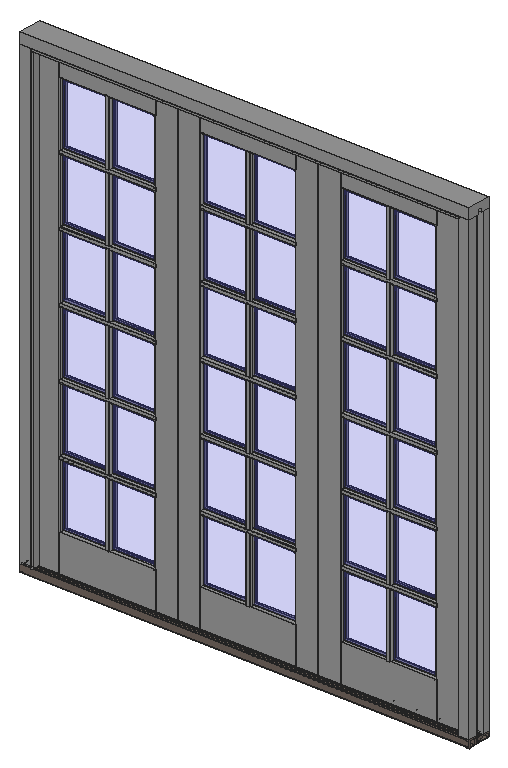
Revit family "VSFA 1950 SP RH", category Doors, host Wall, Revit 2015
Parameters (values of type "VSFA 1950 SP RH")
  Function = Interior
  Frame Projection Ext. = 25 mm
  Frame Projection Int. = 25 mm
  Frame Width = 75 mm
  Height = 2100 mm
  Wall Closure = By host
  Width = 1950 mm
Reference planes
  plane 1: y = 0
  plane 2 "Center (Left/Right)": x = 0
  plane 3 "Left": x = -975
  plane 4 "Right": x = 975
  plane 5: z = 2100
  plane 6 "Exterior": y = 75
  plane 7 "Interior": y = -75
Forms (mm)
  Extrusion 1, solid, material "Aluminium Cill (Bronze)"
    sketch origin (0, 79.18, -119.746) x (0, 1, 0) y (0, 0, 1)
      loop
        line (-26.68, 120.746) -> (-26.68, 135.746)
        arc (-26.68, 135.746) -> (-27.558, 137.867) -> (-29.68, 138.746) r 3
        line (-29.68, 138.746) -> (-40.947, 138.746)
        arc (-40.947, 138.746) -> (-42.68, 137.746) -> (-44.412, 138.746) r 2
        line (-44.412, 138.746) -> (-48.947, 138.746)
        arc (-48.947, 138.746) -> (-50.68, 137.746) -> (-52.412, 138.746) r 2
        line (-52.412, 138.746) -> (-56.947, 138.746)
        arc (-56.947, 138.746) -> (-58.68, 137.746) -> (-60.412, 138.746) r 2
        line (-60.412, 138.746) -> (-67.18, 138.746) -> (-67.18, 135.246)
        arc (-67.18, 135.246) -> (-67.619, 134.185) -> (-68.68, 133.746) r 1.5
        line (-68.68, 133.746) -> (-73.43, 133.746) -> (-73.43, 135.746) -> (-71.996, 135.746)
        arc (-71.996, 135.746) -> (-74.68, 138.746) -> (-77.363, 135.746) r 2.7
        line (-77.363, 135.746) -> (-75.93, 135.746) -> (-75.93, 133.746) -> (-80.68, 133.746)
        arc (-80.68, 133.746) -> (-81.74, 134.185) -> (-82.18, 135.246) r 1.5
        line (-82.18, 135.246) -> (-82.18, 138.746) -> (-90.432, 138.746) -> (-98.68, 138.746) -> (-98.68, 143.746)
        arc (-98.68, 143.746) -> (-99.18, 144.246) -> (-99.68, 143.746) r 0.5
        line (-99.68, 143.746) -> (-99.68, 142.734) -> (-100.88, 142.734) -> (-100.88, 150.246) -> (-99.68, 150.246) -> (-99.68, 149.246)
        arc (-99.68, 149.246) -> (-99.18, 148.746) -> (-98.68, 149.246) r 0.5
        line (-98.68, 149.246) -> (-98.68, 150.746)
        arc (-98.68, 150.746) -> (-98.972, 151.453) -> (-99.68, 151.746) r 1
        line (-99.68, 151.746) -> (-109.447, 151.746)
        arc (-109.447, 151.746) -> (-111.18, 150.746) -> (-112.912, 151.746) r 2
        line (-112.912, 151.746) -> (-117.447, 151.746)
        arc (-117.447, 151.746) -> (-119.18, 150.746) -> (-120.912, 151.746) r 2
        line (-120.912, 151.746) -> (-130.68, 151.746)
        arc (-130.68, 151.746) -> (-131.387, 151.453) -> (-131.68, 150.746) r 1
        line (-131.68, 150.746) -> (-131.68, 120.746)
        arc (-131.68, 120.746) -> (-131.387, 120.039) -> (-130.68, 119.746) r 1
        line (-130.68, 119.746) -> (-27.68, 119.746)
        arc (-27.68, 119.746) -> (-26.972, 120.039) -> (-26.68, 120.746) r 1
      loop
        line (-29.68, 137.246) -> (-40.23, 137.246)
        arc (-40.23, 137.246) -> (-42.68, 136.246) -> (-45.129, 137.246) r 3.5
        line (-45.129, 137.246) -> (-48.23, 137.246)
        arc (-48.23, 137.246) -> (-50.68, 136.246) -> (-53.129, 137.246) r 3.5
        line (-53.129, 137.246) -> (-56.23, 137.246)
        arc (-56.23, 137.246) -> (-58.68, 136.246) -> (-61.129, 137.246) r 3.5
        line (-61.129, 137.246) -> (-65.68, 137.246) -> (-65.68, 135.246)
        arc (-65.68, 135.246) -> (-66.558, 133.125) -> (-68.68, 132.246) r 3
        line (-68.68, 132.246) -> (-73.93, 132.246) -> (-73.93, 121.246) -> (-28.18, 121.246) -> (-28.18, 135.746)
        arc (-28.18, 135.746) -> (-28.619, 136.807) -> (-29.68, 137.246) r 1.5
      loop
        line (-75.43, 132.246) -> (-80.68, 132.246)
        arc (-80.68, 132.246) -> (-82.801, 133.125) -> (-83.68, 135.246) r 3
        line (-83.68, 135.246) -> (-83.68, 137.246) -> (-98.68, 137.246) -> (-98.68, 121.246) -> (-75.43, 121.246) -> (-75.43, 132.246)
      loop
        line (-100.18, 121.246) -> (-100.18, 141.246) -> (-102.38, 141.246) -> (-102.38, 150.246) -> (-108.73, 150.246)
        arc (-108.73, 150.246) -> (-111.18, 149.246) -> (-113.629, 150.246) r 3.5
        line (-113.629, 150.246) -> (-116.73, 150.246)
        arc (-116.73, 150.246) -> (-119.18, 149.246) -> (-121.629, 150.246) r 3.5
        line (-121.629, 150.246) -> (-130.18, 150.246) -> (-130.18, 121.246) -> (-100.18, 121.246)
    from -975 to 975
  Extrusion 2, solid, material "Lauan, Meranti"
    sketch origin (0, 0, 0) x (0, 1, 0) y (0, 0, 1)
      loop
        line (52.5, 2100) -> (-52.5, 2100) -> (-52.5, 2055) -> (-6.5, 2055) -> (-6.5, 2075) -> (15.5, 2075) -> (15.5, 2055) -> (52.5, 2055) -> (52.5, 2100)
    from -975 to 975
  Extrusion 3, solid, material "Lauan, Meranti"
    sketch origin (0, 0, 0) x (1, 0, 0) y (0, 1, 0)
      loop
        line (-975, 52.5) -> (-975, -52.5) -> (-930, -52.5) -> (-930, 24.5) -> (-942, 24.5) -> (-942, 52.5) -> (-975, 52.5)
    from 32 to 2055
  Extrusion 4, solid, material "Lauan, Meranti"
    sketch origin (0, 0, 0) x (1, 0, 0) y (0, 1, 0)
      loop
        line (-975, 52.5) -> (-975, -19.5) -> (-930, -19.5) -> (-930, 24.5) -> (-942, 24.5) -> (-942, 52.5) -> (-975, 52.5)
    from 19 to 32
  Extrusion 5, solid, material "Lauan, Meranti"
    sketch origin (0, 0, 0) x (0, 1, 0) y (0, 0, 1)
      loop
        line (-52.5, 2052) -> (-52.5, 2042) -> (-20.5, 2042) -> (-20.5, 2045.5) -> (-27.5, 2045.5) -> (-27.5, 2048.5) -> (-20.5, 2048.5) -> (-20.5, 2055) -> (-49.5, 2055) -> (-49.5, 2052) -> (-52.5, 2052)
    from -930 to 930
  Extrusion 6, solid, material "Lauan, Meranti"
    sketch origin (0, 0, 0) x (1, 0, 0) y (0, 1, 0)
      loop
        line (-927, -52.5) -> (-917, -52.5) -> (-917, -20.5) -> (-920.5, -20.5) -> (-920.5, -27.5) -> (-923.5, -27.5) -> (-923.5, -20.5) -> (-930, -20.5) -> (-930, -49.5) -> (-927, -49.5) -> (-927, -52.5)
    from 32 to 2042
  Extrusion 7, solid, material "Lauan, Meranti"
    sketch origin (0, 0, 0) x (1, 0, 0) y (0, 1, 0)
      loop
        line (975, -52.5) -> (975, -16.5) -> (930, -16.5) -> (930, -52.5) -> (975, -52.5)
      loop
        line (975, 52.5) -> (930, 52.5) -> (930, 25.5) -> (975, 25.5) -> (975, 52.5)
      loop
        line (900, 24.5) -> (900, -15.5) -> (945, -15.5) -> (945, -5.5) -> (920, -5.5) -> (920, 14.5) -> (945, 14.5) -> (945, 24.5) -> (900, 24.5)
    from 32 to 2055
  Extrusion 8, solid, material "Lauan, Meranti"
    sketch origin (0, 0, 0) x (1, 0, 0) y (0, 1, 0)
      loop
        line (930, 52.5) -> (930, 25.5) -> (975, 25.5) -> (975, 52.5) -> (930, 52.5)
      loop
        line (945, 24.5) -> (900, 24.5) -> (900, -15.5) -> (945, -15.5) -> (945, -5.5) -> (920, -5.5) -> (920, 14.5) -> (945, 14.5) -> (945, 24.5)
    from 19 to 32
  Extrusion 9, solid, material "Lauan, Meranti"
    sketch origin (1220, 0, 0) x (1, 0, 0) y (0, 1, 0)
      loop
        line (-930, -15.5) -> (-834, -15.5) -> (-834, -13.5)
        arc (-834, -13.5) -> (-829.265, -11.94) -> (-827, -7.5) r 6.549
        line (-827, -7.5) -> (-825, -7.5) -> (-825, -5.5) -> (-834, -5.5) -> (-834, 24.5) -> (-930, 24.5) -> (-930, -15.5)
      loop
        line (-320, -15.5) -> (-320, 24.5) -> (-416, 24.5) -> (-416, -5.5) -> (-425, -5.5) -> (-425, -7.5) -> (-423, -7.5)
        arc (-423, -7.5) -> (-420.735, -11.94) -> (-416, -13.5) r 6.549
        line (-416, -13.5) -> (-416, -15.5) -> (-320, -15.5)
    from 19 to 2055
  Extrusion 10, solid, material "Lauan, Meranti"
    sketch origin (555.235, 0, 0) x (0, 1, 0) y (0, 0, 1)
      loop
        line (-15.5, 190) -> (-15.5, 19) -> (24.5, 19) -> (24.5, 190) -> (-5.5, 190) -> (-5.5, 199) -> (-7.5, 199) -> (-7.5, 197)
        arc (-7.5, 197) -> (-11.866, 194.67) -> (-13.5, 190) r 6.807
        line (-13.5, 190) -> (-15.5, 190)
      loop
        line (-7.5, 1952) -> (-7.5, 1950) -> (-5.5, 1950) -> (-5.5, 1959) -> (24.5, 1959) -> (24.5, 2055) -> (-15.5, 2055) -> (-15.5, 1959) -> (-13.5, 1959)
        arc (-13.5, 1959) -> (-11.866, 1954.33) -> (-7.5, 1952) r 6.807
      loop
        line (-15.5, 1675) -> (-15.5, 1662) -> (-13.5, 1662)
        arc (-13.5, 1662) -> (-11.866, 1657.33) -> (-7.5, 1655) r 6.807
        line (-7.5, 1655) -> (-7.5, 1653) -> (-5.5, 1653) -> (-5.5, 1662) -> (24.5, 1662) -> (24.5, 1675) -> (-5.5, 1675) -> (-5.5, 1684) -> (-7.5, 1684) -> (-7.5, 1682)
        arc (-7.5, 1682) -> (-11.866, 1679.67) -> (-13.5, 1675) r 6.807
        line (-13.5, 1675) -> (-15.5, 1675)
      loop
        line (-15.5, 1378) -> (-15.5, 1365) -> (-13.5, 1365)
        arc (-13.5, 1365) -> (-11.866, 1360.33) -> (-7.5, 1358) r 6.807
        line (-7.5, 1358) -> (-7.5, 1356) -> (-5.5, 1356) -> (-5.5, 1365) -> (24.5, 1365) -> (24.5, 1378) -> (-5.5, 1378) -> (-5.5, 1387) -> (-7.5, 1387) -> (-7.5, 1385)
        arc (-7.5, 1385) -> (-11.866, 1382.67) -> (-13.5, 1378) r 6.807
        line (-13.5, 1378) -> (-15.5, 1378)
      loop
        line (-15.5, 1081) -> (-15.5, 1068) -> (-13.5, 1068)
        arc (-13.5, 1068) -> (-11.866, 1063.33) -> (-7.5, 1061) r 6.807
        line (-7.5, 1061) -> (-7.5, 1059) -> (-5.5, 1059) -> (-5.5, 1068) -> (24.5, 1068) -> (24.5, 1081) -> (-5.5, 1081) -> (-5.5, 1090) -> (-7.5, 1090) -> (-7.5, 1088)
        arc (-7.5, 1088) -> (-11.866, 1085.67) -> (-13.5, 1081) r 6.807
        line (-13.5, 1081) -> (-15.5, 1081)
      loop
        line (-15.5, 784) -> (-15.5, 771) -> (-13.5, 771)
        arc (-13.5, 771) -> (-11.866, 766.33) -> (-7.5, 764) r 6.807
        line (-7.5, 764) -> (-7.5, 762) -> (-5.5, 762) -> (-5.5, 771) -> (24.5, 771) -> (24.5, 784) -> (-5.5, 784) -> (-5.5, 793) -> (-7.5, 793) -> (-7.5, 791)
        arc (-7.5, 791) -> (-11.866, 788.67) -> (-13.5, 784) r 6.807
        line (-13.5, 784) -> (-15.5, 784)
      loop
        line (-15.5, 487) -> (-15.5, 474) -> (-13.5, 474)
        arc (-13.5, 474) -> (-11.866, 469.33) -> (-7.5, 467) r 6.807
        line (-7.5, 467) -> (-7.5, 465) -> (-5.5, 465) -> (-5.5, 474) -> (24.5, 474) -> (24.5, 487) -> (-5.5, 487) -> (-5.5, 496) -> (-7.5, 496) -> (-7.5, 494)
        arc (-7.5, 494) -> (-11.866, 491.67) -> (-13.5, 487) r 6.807
        line (-13.5, 487) -> (-15.5, 487)
    from -169.235 to 248.765
  Sweep 11, solid, material "Lauan, Meranti"
    path origin (262.876, -75, -1252.272) x (1, 0, 0) y (0, 0, 1)
      loop
        line (338.624, 1726.272) -> (338.624, 1442.272) -> (541.124, 1442.272) -> (541.124, 1726.272) -> (338.624, 1726.272)
    profile origin (702.75, -75, 474) x (0, 0, 1) y (0, -1, 0)
      loop
        line (-9, -78) -> (-9, -80) -> (-7, -80)
        arc (-7, -80) -> (-4.67, -84.366) -> (0, -86) r 6.807
        line (0, -86) -> (0, -78) -> (-9, -78)
  Extrusion 12, solid, material "Glass"
    sketch origin (531.808, -110.55, -763.769) x (1, 0, 0) y (0, 0, 1)
      loop
        line (272.18, 953.779) -> (272.18, 1237.769) -> (69.692, 1237.769) -> (69.692, 953.779) -> (272.18, 953.779)
      loop
        line (56.692, 1237.769) -> (-145.808, 1237.769) -> (-145.808, 953.769) -> (56.692, 953.769) -> (56.692, 1237.769)
      loop
        line (272.18, 1250.779) -> (272.18, 1534.769) -> (69.692, 1534.769) -> (69.692, 1250.779) -> (272.18, 1250.779)
      loop
        line (56.692, 1534.769) -> (-145.808, 1534.769) -> (-145.808, 1250.769) -> (56.692, 1250.769) -> (56.692, 1534.769)
      loop
        line (272.18, 1547.779) -> (272.18, 1831.769) -> (69.692, 1831.769) -> (69.692, 1547.779) -> (272.18, 1547.779)
      loop
        line (56.692, 1831.769) -> (-145.808, 1831.769) -> (-145.808, 1547.769) -> (56.692, 1547.769) -> (56.692, 1831.769)
      loop
        line (272.18, 1844.779) -> (272.18, 2128.769) -> (69.692, 2128.769) -> (69.692, 1844.779) -> (272.18, 1844.779)
      loop
        line (56.692, 2128.769) -> (-145.808, 2128.769) -> (-145.808, 1844.769) -> (56.692, 1844.769) -> (56.692, 2128.769)
      loop
        line (272.18, 2141.779) -> (272.18, 2425.769) -> (69.692, 2425.769) -> (69.692, 2141.779) -> (272.18, 2141.779)
      loop
        line (56.692, 2425.769) -> (-145.808, 2425.769) -> (-145.808, 2141.769) -> (56.692, 2141.769) -> (56.692, 2425.769)
      loop
        line (272.18, 2438.779) -> (272.18, 2722.769) -> (69.692, 2722.769) -> (69.692, 2438.779) -> (272.18, 2438.779)
      loop
        line (56.692, 2722.769) -> (-145.808, 2722.769) -> (-145.808, 2438.769) -> (56.692, 2438.769) -> (56.692, 2722.769)
    from -112.5 to -106.1
  Extrusion 13, solid, material "Lauan, Meranti"
    sketch origin (0, 0, 0) x (1, 0, 0) y (0, 1, 0)
      loop
        line (601.5, -15.5) -> (601.5, -13.5)
        arc (601.5, -13.5) -> (606.17, -11.866) -> (608.5, -7.5) r 6.807
        line (608.5, -7.5) -> (610.5, -7.5) -> (610.5, -5.5) -> (601.5, -5.5) -> (601.5, 24.5) -> (588.5, 24.5) -> (588.5, -5.5) -> (579.5, -5.5) -> (579.5, -7.5) -> (581.5, -7.5)
        arc (581.5, -7.5) -> (583.83, -11.866) -> (588.5, -13.5) r 6.807
        line (588.5, -13.5) -> (588.5, -15.5) -> (601.5, -15.5)
    from 190 to 474
  Sweep 14, solid, material "Lauan, Meranti"
    path origin (47.388, -75, -1252.272) x (1, 0, 0) y (0, 0, 1)
      loop
        line (338.624, 1726.272) -> (338.624, 1442.272) -> (541.124, 1442.272) -> (541.124, 1726.272) -> (338.624, 1726.272)
    profile origin (487.262, -75, 474) x (0, 0, 1) y (0, -1, 0)
      loop
        line (-9, -78) -> (-9, -80) -> (-7, -80)
        arc (-7, -80) -> (-4.67, -84.366) -> (0, -86) r 6.807
        line (0, -86) -> (0, -78) -> (-9, -78)
  Sweep 15, solid, material "Lauan, Meranti"
    path origin (262.876, -75, -955.284) x (1, 0, 0) y (0, 0, 1)
      loop
        line (338.624, 1726.272) -> (338.624, 1442.272) -> (541.124, 1442.272) -> (541.124, 1726.272) -> (338.624, 1726.272)
    profile origin (702.75, -75, 770.988) x (0, 0, 1) y (0, -1, 0)
      loop
        line (-9, -78) -> (-9, -80) -> (-7, -80)
        arc (-7, -80) -> (-4.67, -84.366) -> (0, -86) r 6.807
        line (0, -86) -> (0, -78) -> (-9, -78)
  Extrusion 16, solid, material "Lauan, Meranti"
    sketch origin (0, 0, 296.988) x (1, 0, 0) y (0, 1, 0)
      loop
        line (601.5, -15.5) -> (601.5, -13.5)
        arc (601.5, -13.5) -> (606.17, -11.866) -> (608.5, -7.5) r 6.807
        line (608.5, -7.5) -> (610.5, -7.5) -> (610.5, -5.5) -> (601.5, -5.5) -> (601.5, 24.5) -> (588.5, 24.5) -> (588.5, -5.5) -> (579.5, -5.5) -> (579.5, -7.5) -> (581.5, -7.5)
        arc (581.5, -7.5) -> (583.83, -11.866) -> (588.5, -13.5) r 6.807
        line (588.5, -13.5) -> (588.5, -15.5) -> (601.5, -15.5)
    from 190 to 474
  Sweep 17, solid, material "Lauan, Meranti"
    path origin (47.388, -75, -955.284) x (1, 0, 0) y (0, 0, 1)
      loop
        line (338.624, 1726.272) -> (338.624, 1442.272) -> (541.124, 1442.272) -> (541.124, 1726.272) -> (338.624, 1726.272)
    profile origin (487.262, -75, 770.988) x (0, 0, 1) y (0, -1, 0)
      loop
        line (-9, -78) -> (-9, -80) -> (-7, -80)
        arc (-7, -80) -> (-4.67, -84.366) -> (0, -86) r 6.807
        line (0, -86) -> (0, -78) -> (-9, -78)
  Sweep 18, solid, material "Lauan, Meranti"
    path origin (262.876, -75, -658.284) x (1, 0, 0) y (0, 0, 1)
      loop
        line (338.624, 1726.272) -> (338.624, 1442.272) -> (541.124, 1442.272) -> (541.124, 1726.272) -> (338.624, 1726.272)
    profile origin (702.75, -75, 1067.988) x (0, 0, 1) y (0, -1, 0)
      loop
        line (-9, -78) -> (-9, -80) -> (-7, -80)
        arc (-7, -80) -> (-4.67, -84.366) -> (0, -86) r 6.807
        line (0, -86) -> (0, -78) -> (-9, -78)
  Extrusion 19, solid, material "Lauan, Meranti"
    sketch origin (0, 0, 593.988) x (1, 0, 0) y (0, 1, 0)
      loop
        line (601.5, -15.5) -> (601.5, -13.5)
        arc (601.5, -13.5) -> (606.17, -11.866) -> (608.5, -7.5) r 6.807
        line (608.5, -7.5) -> (610.5, -7.5) -> (610.5, -5.5) -> (601.5, -5.5) -> (601.5, 24.5) -> (588.5, 24.5) -> (588.5, -5.5) -> (579.5, -5.5) -> (579.5, -7.5) -> (581.5, -7.5)
        arc (581.5, -7.5) -> (583.83, -11.866) -> (588.5, -13.5) r 6.807
        line (588.5, -13.5) -> (588.5, -15.5) -> (601.5, -15.5)
    from 190 to 474
  Sweep 20, solid, material "Lauan, Meranti"
    path origin (47.388, -75, -658.284) x (1, 0, 0) y (0, 0, 1)
      loop
        line (338.624, 1726.272) -> (338.624, 1442.272) -> (541.124, 1442.272) -> (541.124, 1726.272) -> (338.624, 1726.272)
    profile origin (487.262, -75, 1067.988) x (0, 0, 1) y (0, -1, 0)
      loop
        line (-9, -78) -> (-9, -80) -> (-7, -80)
        arc (-7, -80) -> (-4.67, -84.366) -> (0, -86) r 6.807
        line (0, -86) -> (0, -78) -> (-9, -78)
  Sweep 21, solid, material "Lauan, Meranti"
    path origin (262.876, -75, -361.284) x (1, 0, 0) y (0, 0, 1)
      loop
        line (338.624, 1726.272) -> (338.624, 1442.272) -> (541.124, 1442.272) -> (541.124, 1726.272) -> (338.624, 1726.272)
    profile origin (702.75, -75, 1364.988) x (0, 0, 1) y (0, -1, 0)
      loop
        line (-9, -78) -> (-9, -80) -> (-7, -80)
        arc (-7, -80) -> (-4.67, -84.366) -> (0, -86) r 6.807
        line (0, -86) -> (0, -78) -> (-9, -78)
  Extrusion 22, solid, material "Lauan, Meranti"
    sketch origin (0, 0, 890.988) x (1, 0, 0) y (0, 1, 0)
      loop
        line (601.5, -15.5) -> (601.5, -13.5)
        arc (601.5, -13.5) -> (606.17, -11.866) -> (608.5, -7.5) r 6.807
        line (608.5, -7.5) -> (610.5, -7.5) -> (610.5, -5.5) -> (601.5, -5.5) -> (601.5, 24.5) -> (588.5, 24.5) -> (588.5, -5.5) -> (579.5, -5.5) -> (579.5, -7.5) -> (581.5, -7.5)
        arc (581.5, -7.5) -> (583.83, -11.866) -> (588.5, -13.5) r 6.807
        line (588.5, -13.5) -> (588.5, -15.5) -> (601.5, -15.5)
    from 190 to 474
  Sweep 23, solid, material "Lauan, Meranti"
    path origin (47.388, -75, -361.284) x (1, 0, 0) y (0, 0, 1)
      loop
        line (338.624, 1726.272) -> (338.624, 1442.272) -> (541.124, 1442.272) -> (541.124, 1726.272) -> (338.624, 1726.272)
    profile origin (487.262, -75, 1364.988) x (0, 0, 1) y (0, -1, 0)
      loop
        line (-9, -78) -> (-9, -80) -> (-7, -80)
        arc (-7, -80) -> (-4.67, -84.366) -> (0, -86) r 6.807
        line (0, -86) -> (0, -78) -> (-9, -78)
  Sweep 24, solid, material "Lauan, Meranti"
    path origin (262.876, -75, -64.284) x (1, 0, 0) y (0, 0, 1)
      loop
        line (338.624, 1726.272) -> (338.624, 1442.272) -> (541.124, 1442.272) -> (541.124, 1726.272) -> (338.624, 1726.272)
    profile origin (702.75, -75, 1661.988) x (0, 0, 1) y (0, -1, 0)
      loop
        line (-9, -78) -> (-9, -80) -> (-7, -80)
        arc (-7, -80) -> (-4.67, -84.366) -> (0, -86) r 6.807
        line (0, -86) -> (0, -78) -> (-9, -78)
  Extrusion 25, solid, material "Lauan, Meranti"
    sketch origin (0, 0, 1187.988) x (1, 0, 0) y (0, 1, 0)
      loop
        line (601.5, -15.5) -> (601.5, -13.5)
        arc (601.5, -13.5) -> (606.17, -11.866) -> (608.5, -7.5) r 6.807
        line (608.5, -7.5) -> (610.5, -7.5) -> (610.5, -5.5) -> (601.5, -5.5) -> (601.5, 24.5) -> (588.5, 24.5) -> (588.5, -5.5) -> (579.5, -5.5) -> (579.5, -7.5) -> (581.5, -7.5)
        arc (581.5, -7.5) -> (583.83, -11.866) -> (588.5, -13.5) r 6.807
        line (588.5, -13.5) -> (588.5, -15.5) -> (601.5, -15.5)
    from 190 to 474
  Sweep 26, solid, material "Lauan, Meranti"
    path origin (47.388, -75, -64.284) x (1, 0, 0) y (0, 0, 1)
      loop
        line (338.624, 1726.272) -> (338.624, 1442.272) -> (541.124, 1442.272) -> (541.124, 1726.272) -> (338.624, 1726.272)
    profile origin (487.262, -75, 1661.988) x (0, 0, 1) y (0, -1, 0)
      loop
        line (-9, -78) -> (-9, -80) -> (-7, -80)
        arc (-7, -80) -> (-4.67, -84.366) -> (0, -86) r 6.807
        line (0, -86) -> (0, -78) -> (-9, -78)
  Sweep 27, solid, material "Lauan, Meranti"
    path origin (262.876, -75, 232.716) x (1, 0, 0) y (0, 0, 1)
      loop
        line (338.624, 1726.272) -> (338.624, 1442.272) -> (541.124, 1442.272) -> (541.124, 1726.272) -> (338.624, 1726.272)
    profile origin (702.75, -75, 1958.988) x (0, 0, 1) y (0, -1, 0)
      loop
        line (-9, -78) -> (-9, -80) -> (-7, -80)
        arc (-7, -80) -> (-4.67, -84.366) -> (0, -86) r 6.807
        line (0, -86) -> (0, -78) -> (-9, -78)
  Extrusion 28, solid, material "Lauan, Meranti"
    sketch origin (0, 0, 1484.988) x (1, 0, 0) y (0, 1, 0)
      loop
        line (601.5, -15.5) -> (601.5, -13.5)
        arc (601.5, -13.5) -> (606.17, -11.866) -> (608.5, -7.5) r 6.807
        line (608.5, -7.5) -> (610.5, -7.5) -> (610.5, -5.5) -> (601.5, -5.5) -> (601.5, 24.5) -> (588.5, 24.5) -> (588.5, -5.5) -> (579.5, -5.5) -> (579.5, -7.5) -> (581.5, -7.5)
        arc (581.5, -7.5) -> (583.83, -11.866) -> (588.5, -13.5) r 6.807
        line (588.5, -13.5) -> (588.5, -15.5) -> (601.5, -15.5)
    from 190 to 474
  Sweep 29, solid, material "Lauan, Meranti"
    path origin (47.388, -75, 232.716) x (1, 0, 0) y (0, 0, 1)
      loop
        line (338.624, 1726.272) -> (338.624, 1442.272) -> (541.124, 1442.272) -> (541.124, 1726.272) -> (338.624, 1726.272)
    profile origin (487.262, -75, 1958.988) x (0, 0, 1) y (0, -1, 0)
      loop
        line (-9, -78) -> (-9, -80) -> (-7, -80)
        arc (-7, -80) -> (-4.67, -84.366) -> (0, -86) r 6.807
        line (0, -86) -> (0, -78) -> (-9, -78)
  Extrusion 30, solid, material "Lauan, Meranti"
    sketch origin (610, 0, 0) x (1, 0, 0) y (0, 1, 0)
      loop
        line (-930, -15.5) -> (-834, -15.5) -> (-834, -13.5)
        arc (-834, -13.5) -> (-829.265, -11.94) -> (-827, -7.5) r 6.549
        line (-827, -7.5) -> (-825, -7.5) -> (-825, -5.5) -> (-834, -5.5) -> (-834, 24.5) -> (-930, 24.5) -> (-930, -15.5)
      loop
        line (-320, -15.5) -> (-320, 24.5) -> (-416, 24.5) -> (-416, -5.5) -> (-425, -5.5) -> (-425, -7.5) -> (-423, -7.5)
        arc (-423, -7.5) -> (-420.735, -11.94) -> (-416, -13.5) r 6.549
        line (-416, -13.5) -> (-416, -15.5) -> (-320, -15.5)
    from 19 to 2055
  Extrusion 31, solid, material "Lauan, Meranti"
    sketch origin (-54.765, 0, 0) x (0, 1, 0) y (0, 0, 1)
      loop
        line (-15.5, 190) -> (-15.5, 19) -> (24.5, 19) -> (24.5, 190) -> (-5.5, 190) -> (-5.5, 199) -> (-7.5, 199) -> (-7.5, 197)
        arc (-7.5, 197) -> (-11.866, 194.67) -> (-13.5, 190) r 6.807
        line (-13.5, 190) -> (-15.5, 190)
      loop
        line (-7.5, 1952) -> (-7.5, 1950) -> (-5.5, 1950) -> (-5.5, 1959) -> (24.5, 1959) -> (24.5, 2055) -> (-15.5, 2055) -> (-15.5, 1959) -> (-13.5, 1959)
        arc (-13.5, 1959) -> (-11.866, 1954.33) -> (-7.5, 1952) r 6.807
      loop
        line (-15.5, 1675) -> (-15.5, 1662) -> (-13.5, 1662)
        arc (-13.5, 1662) -> (-11.866, 1657.33) -> (-7.5, 1655) r 6.807
        line (-7.5, 1655) -> (-7.5, 1653) -> (-5.5, 1653) -> (-5.5, 1662) -> (24.5, 1662) -> (24.5, 1675) -> (-5.5, 1675) -> (-5.5, 1684) -> (-7.5, 1684) -> (-7.5, 1682)
        arc (-7.5, 1682) -> (-11.866, 1679.67) -> (-13.5, 1675) r 6.807
        line (-13.5, 1675) -> (-15.5, 1675)
      loop
        line (-15.5, 1378) -> (-15.5, 1365) -> (-13.5, 1365)
        arc (-13.5, 1365) -> (-11.866, 1360.33) -> (-7.5, 1358) r 6.807
        line (-7.5, 1358) -> (-7.5, 1356) -> (-5.5, 1356) -> (-5.5, 1365) -> (24.5, 1365) -> (24.5, 1378) -> (-5.5, 1378) -> (-5.5, 1387) -> (-7.5, 1387) -> (-7.5, 1385)
        arc (-7.5, 1385) -> (-11.866, 1382.67) -> (-13.5, 1378) r 6.807
        line (-13.5, 1378) -> (-15.5, 1378)
      loop
        line (-15.5, 1081) -> (-15.5, 1068) -> (-13.5, 1068)
        arc (-13.5, 1068) -> (-11.866, 1063.33) -> (-7.5, 1061) r 6.807
        line (-7.5, 1061) -> (-7.5, 1059) -> (-5.5, 1059) -> (-5.5, 1068) -> (24.5, 1068) -> (24.5, 1081) -> (-5.5, 1081) -> (-5.5, 1090) -> (-7.5, 1090) -> (-7.5, 1088)
        arc (-7.5, 1088) -> (-11.866, 1085.67) -> (-13.5, 1081) r 6.807
        line (-13.5, 1081) -> (-15.5, 1081)
      loop
        line (-15.5, 784) -> (-15.5, 771) -> (-13.5, 771)
        arc (-13.5, 771) -> (-11.866, 766.33) -> (-7.5, 764) r 6.807
        line (-7.5, 764) -> (-7.5, 762) -> (-5.5, 762) -> (-5.5, 771) -> (24.5, 771) -> (24.5, 784) -> (-5.5, 784) -> (-5.5, 793) -> (-7.5, 793) -> (-7.5, 791)
        arc (-7.5, 791) -> (-11.866, 788.67) -> (-13.5, 784) r 6.807
        line (-13.5, 784) -> (-15.5, 784)
      loop
        line (-15.5, 487) -> (-15.5, 474) -> (-13.5, 474)
        arc (-13.5, 474) -> (-11.866, 469.33) -> (-7.5, 467) r 6.807
        line (-7.5, 467) -> (-7.5, 465) -> (-5.5, 465) -> (-5.5, 474) -> (24.5, 474) -> (24.5, 487) -> (-5.5, 487) -> (-5.5, 496) -> (-7.5, 496) -> (-7.5, 494)
        arc (-7.5, 494) -> (-11.866, 491.67) -> (-13.5, 487) r 6.807
        line (-13.5, 487) -> (-15.5, 487)
    from -169.235 to 248.765
  Sweep 32, solid, material "Lauan, Meranti"
    path origin (-347.124, -75, -1252.272) x (1, 0, 0) y (0, 0, 1)
      loop
        line (338.624, 1726.272) -> (338.624, 1442.272) -> (541.124, 1442.272) -> (541.124, 1726.272) -> (338.624, 1726.272)
    profile origin (92.75, -75, 474) x (0, 0, 1) y (0, -1, 0)
      loop
        line (-9, -78) -> (-9, -80) -> (-7, -80)
        arc (-7, -80) -> (-4.67, -84.366) -> (0, -86) r 6.807
        line (0, -86) -> (0, -78) -> (-9, -78)
  Extrusion 33, solid, material "Glass"
    sketch origin (-78.192, -110.55, -763.769) x (1, 0, 0) y (0, 0, 1)
      loop
        line (272.18, 953.779) -> (272.18, 1237.769) -> (69.692, 1237.769) -> (69.692, 953.779) -> (272.18, 953.779)
      loop
        line (56.692, 1237.769) -> (-145.808, 1237.769) -> (-145.808, 953.769) -> (56.692, 953.769) -> (56.692, 1237.769)
      loop
        line (272.18, 1250.779) -> (272.18, 1534.769) -> (69.692, 1534.769) -> (69.692, 1250.779) -> (272.18, 1250.779)
      loop
        line (56.692, 1534.769) -> (-145.808, 1534.769) -> (-145.808, 1250.769) -> (56.692, 1250.769) -> (56.692, 1534.769)
      loop
        line (272.18, 1547.779) -> (272.18, 1831.769) -> (69.692, 1831.769) -> (69.692, 1547.779) -> (272.18, 1547.779)
      loop
        line (56.692, 1831.769) -> (-145.808, 1831.769) -> (-145.808, 1547.769) -> (56.692, 1547.769) -> (56.692, 1831.769)
      loop
        line (272.18, 1844.779) -> (272.18, 2128.769) -> (69.692, 2128.769) -> (69.692, 1844.779) -> (272.18, 1844.779)
      loop
        line (56.692, 2128.769) -> (-145.808, 2128.769) -> (-145.808, 1844.769) -> (56.692, 1844.769) -> (56.692, 2128.769)
      loop
        line (272.18, 2141.779) -> (272.18, 2425.769) -> (69.692, 2425.769) -> (69.692, 2141.779) -> (272.18, 2141.779)
      loop
        line (56.692, 2425.769) -> (-145.808, 2425.769) -> (-145.808, 2141.769) -> (56.692, 2141.769) -> (56.692, 2425.769)
      loop
        line (272.18, 2438.779) -> (272.18, 2722.769) -> (69.692, 2722.769) -> (69.692, 2438.779) -> (272.18, 2438.779)
      loop
        line (56.692, 2722.769) -> (-145.808, 2722.769) -> (-145.808, 2438.769) -> (56.692, 2438.769) -> (56.692, 2722.769)
    from -112.5 to -106.1
  Extrusion 34, solid, material "Lauan, Meranti"
    sketch origin (-610, 0, 0) x (1, 0, 0) y (0, 1, 0)
      loop
        line (601.5, -15.5) -> (601.5, -13.5)
        arc (601.5, -13.5) -> (606.17, -11.866) -> (608.5, -7.5) r 6.807
        line (608.5, -7.5) -> (610.5, -7.5) -> (610.5, -5.5) -> (601.5, -5.5) -> (601.5, 24.5) -> (588.5, 24.5) -> (588.5, -5.5) -> (579.5, -5.5) -> (579.5, -7.5) -> (581.5, -7.5)
        arc (581.5, -7.5) -> (583.83, -11.866) -> (588.5, -13.5) r 6.807
        line (588.5, -13.5) -> (588.5, -15.5) -> (601.5, -15.5)
    from 190 to 474
  Sweep 35, solid, material "Lauan, Meranti"
    path origin (-562.612, -75, -1252.272) x (1, 0, 0) y (0, 0, 1)
      loop
        line (338.624, 1726.272) -> (338.624, 1442.272) -> (541.124, 1442.272) -> (541.124, 1726.272) -> (338.624, 1726.272)
    profile origin (-122.738, -75, 474) x (0, 0, 1) y (0, -1, 0)
      loop
        line (-9, -78) -> (-9, -80) -> (-7, -80)
        arc (-7, -80) -> (-4.67, -84.366) -> (0, -86) r 6.807
        line (0, -86) -> (0, -78) -> (-9, -78)
  Sweep 36, solid, material "Lauan, Meranti"
    path origin (-347.124, -75, -955.284) x (1, 0, 0) y (0, 0, 1)
      loop
        line (338.624, 1726.272) -> (338.624, 1442.272) -> (541.124, 1442.272) -> (541.124, 1726.272) -> (338.624, 1726.272)
    profile origin (92.75, -75, 770.988) x (0, 0, 1) y (0, -1, 0)
      loop
        line (-9, -78) -> (-9, -80) -> (-7, -80)
        arc (-7, -80) -> (-4.67, -84.366) -> (0, -86) r 6.807
        line (0, -86) -> (0, -78) -> (-9, -78)
  Extrusion 37, solid, material "Lauan, Meranti"
    sketch origin (-610, 0, 296.988) x (1, 0, 0) y (0, 1, 0)
      loop
        line (601.5, -15.5) -> (601.5, -13.5)
        arc (601.5, -13.5) -> (606.17, -11.866) -> (608.5, -7.5) r 6.807
        line (608.5, -7.5) -> (610.5, -7.5) -> (610.5, -5.5) -> (601.5, -5.5) -> (601.5, 24.5) -> (588.5, 24.5) -> (588.5, -5.5) -> (579.5, -5.5) -> (579.5, -7.5) -> (581.5, -7.5)
        arc (581.5, -7.5) -> (583.83, -11.866) -> (588.5, -13.5) r 6.807
        line (588.5, -13.5) -> (588.5, -15.5) -> (601.5, -15.5)
    from 190 to 474
  Sweep 38, solid, material "Lauan, Meranti"
    path origin (-562.612, -75, -955.284) x (1, 0, 0) y (0, 0, 1)
      loop
        line (338.624, 1726.272) -> (338.624, 1442.272) -> (541.124, 1442.272) -> (541.124, 1726.272) -> (338.624, 1726.272)
    profile origin (-122.738, -75, 770.988) x (0, 0, 1) y (0, -1, 0)
      loop
        line (-9, -78) -> (-9, -80) -> (-7, -80)
        arc (-7, -80) -> (-4.67, -84.366) -> (0, -86) r 6.807
        line (0, -86) -> (0, -78) -> (-9, -78)
  Sweep 39, solid, material "Lauan, Meranti"
    path origin (-347.124, -75, -658.284) x (1, 0, 0) y (0, 0, 1)
      loop
        line (338.624, 1726.272) -> (338.624, 1442.272) -> (541.124, 1442.272) -> (541.124, 1726.272) -> (338.624, 1726.272)
    profile origin (92.75, -75, 1067.988) x (0, 0, 1) y (0, -1, 0)
      loop
        line (-9, -78) -> (-9, -80) -> (-7, -80)
        arc (-7, -80) -> (-4.67, -84.366) -> (0, -86) r 6.807
        line (0, -86) -> (0, -78) -> (-9, -78)
  Extrusion 40, solid, material "Lauan, Meranti"
    sketch origin (-610, 0, 593.988) x (1, 0, 0) y (0, 1, 0)
      loop
        line (601.5, -15.5) -> (601.5, -13.5)
        arc (601.5, -13.5) -> (606.17, -11.866) -> (608.5, -7.5) r 6.807
        line (608.5, -7.5) -> (610.5, -7.5) -> (610.5, -5.5) -> (601.5, -5.5) -> (601.5, 24.5) -> (588.5, 24.5) -> (588.5, -5.5) -> (579.5, -5.5) -> (579.5, -7.5) -> (581.5, -7.5)
        arc (581.5, -7.5) -> (583.83, -11.866) -> (588.5, -13.5) r 6.807
        line (588.5, -13.5) -> (588.5, -15.5) -> (601.5, -15.5)
    from 190 to 474
  Sweep 41, solid, material "Lauan, Meranti"
    path origin (-562.612, -75, -658.284) x (1, 0, 0) y (0, 0, 1)
      loop
        line (338.624, 1726.272) -> (338.624, 1442.272) -> (541.124, 1442.272) -> (541.124, 1726.272) -> (338.624, 1726.272)
    profile origin (-122.738, -75, 1067.988) x (0, 0, 1) y (0, -1, 0)
      loop
        line (-9, -78) -> (-9, -80) -> (-7, -80)
        arc (-7, -80) -> (-4.67, -84.366) -> (0, -86) r 6.807
        line (0, -86) -> (0, -78) -> (-9, -78)
  Sweep 42, solid, material "Lauan, Meranti"
    path origin (-347.124, -75, -361.284) x (1, 0, 0) y (0, 0, 1)
      loop
        line (338.624, 1726.272) -> (338.624, 1442.272) -> (541.124, 1442.272) -> (541.124, 1726.272) -> (338.624, 1726.272)
    profile origin (92.75, -75, 1364.988) x (0, 0, 1) y (0, -1, 0)
      loop
        line (-9, -78) -> (-9, -80) -> (-7, -80)
        arc (-7, -80) -> (-4.67, -84.366) -> (0, -86) r 6.807
        line (0, -86) -> (0, -78) -> (-9, -78)
  Extrusion 43, solid, material "Lauan, Meranti"
    sketch origin (-610, 0, 890.988) x (1, 0, 0) y (0, 1, 0)
      loop
        line (601.5, -15.5) -> (601.5, -13.5)
        arc (601.5, -13.5) -> (606.17, -11.866) -> (608.5, -7.5) r 6.807
        line (608.5, -7.5) -> (610.5, -7.5) -> (610.5, -5.5) -> (601.5, -5.5) -> (601.5, 24.5) -> (588.5, 24.5) -> (588.5, -5.5) -> (579.5, -5.5) -> (579.5, -7.5) -> (581.5, -7.5)
        arc (581.5, -7.5) -> (583.83, -11.866) -> (588.5, -13.5) r 6.807
        line (588.5, -13.5) -> (588.5, -15.5) -> (601.5, -15.5)
    from 190 to 474
  Sweep 44, solid, material "Lauan, Meranti"
    path origin (-562.612, -75, -361.284) x (1, 0, 0) y (0, 0, 1)
      loop
        line (338.624, 1726.272) -> (338.624, 1442.272) -> (541.124, 1442.272) -> (541.124, 1726.272) -> (338.624, 1726.272)
    profile origin (-122.738, -75, 1364.988) x (0, 0, 1) y (0, -1, 0)
      loop
        line (-9, -78) -> (-9, -80) -> (-7, -80)
        arc (-7, -80) -> (-4.67, -84.366) -> (0, -86) r 6.807
        line (0, -86) -> (0, -78) -> (-9, -78)
  Sweep 45, solid, material "Lauan, Meranti"
    path origin (-347.124, -75, -64.284) x (1, 0, 0) y (0, 0, 1)
      loop
        line (338.624, 1726.272) -> (338.624, 1442.272) -> (541.124, 1442.272) -> (541.124, 1726.272) -> (338.624, 1726.272)
    profile origin (92.75, -75, 1661.988) x (0, 0, 1) y (0, -1, 0)
      loop
        line (-9, -78) -> (-9, -80) -> (-7, -80)
        arc (-7, -80) -> (-4.67, -84.366) -> (0, -86) r 6.807
        line (0, -86) -> (0, -78) -> (-9, -78)
  Extrusion 46, solid, material "Lauan, Meranti"
    sketch origin (-610, 0, 1187.988) x (1, 0, 0) y (0, 1, 0)
      loop
        line (601.5, -15.5) -> (601.5, -13.5)
        arc (601.5, -13.5) -> (606.17, -11.866) -> (608.5, -7.5) r 6.807
        line (608.5, -7.5) -> (610.5, -7.5) -> (610.5, -5.5) -> (601.5, -5.5) -> (601.5, 24.5) -> (588.5, 24.5) -> (588.5, -5.5) -> (579.5, -5.5) -> (579.5, -7.5) -> (581.5, -7.5)
        arc (581.5, -7.5) -> (583.83, -11.866) -> (588.5, -13.5) r 6.807
        line (588.5, -13.5) -> (588.5, -15.5) -> (601.5, -15.5)
    from 190 to 474
  Sweep 47, solid, material "Lauan, Meranti"
    path origin (-562.612, -75, -64.284) x (1, 0, 0) y (0, 0, 1)
      loop
        line (338.624, 1726.272) -> (338.624, 1442.272) -> (541.124, 1442.272) -> (541.124, 1726.272) -> (338.624, 1726.272)
    profile origin (-122.738, -75, 1661.988) x (0, 0, 1) y (0, -1, 0)
      loop
        line (-9, -78) -> (-9, -80) -> (-7, -80)
        arc (-7, -80) -> (-4.67, -84.366) -> (0, -86) r 6.807
        line (0, -86) -> (0, -78) -> (-9, -78)
  Sweep 48, solid, material "Lauan, Meranti"
    path origin (-347.124, -75, 232.716) x (1, 0, 0) y (0, 0, 1)
      loop
        line (338.624, 1726.272) -> (338.624, 1442.272) -> (541.124, 1442.272) -> (541.124, 1726.272) -> (338.624, 1726.272)
    profile origin (92.75, -75, 1958.988) x (0, 0, 1) y (0, -1, 0)
      loop
        line (-9, -78) -> (-9, -80) -> (-7, -80)
        arc (-7, -80) -> (-4.67, -84.366) -> (0, -86) r 6.807
        line (0, -86) -> (0, -78) -> (-9, -78)
  Extrusion 49, solid, material "Lauan, Meranti"
    sketch origin (-610, 0, 1484.988) x (1, 0, 0) y (0, 1, 0)
      loop
        line (601.5, -15.5) -> (601.5, -13.5)
        arc (601.5, -13.5) -> (606.17, -11.866) -> (608.5, -7.5) r 6.807
        line (608.5, -7.5) -> (610.5, -7.5) -> (610.5, -5.5) -> (601.5, -5.5) -> (601.5, 24.5) -> (588.5, 24.5) -> (588.5, -5.5) -> (579.5, -5.5) -> (579.5, -7.5) -> (581.5, -7.5)
        arc (581.5, -7.5) -> (583.83, -11.866) -> (588.5, -13.5) r 6.807
        line (588.5, -13.5) -> (588.5, -15.5) -> (601.5, -15.5)
    from 190 to 474
  Sweep 50, solid, material "Lauan, Meranti"
    path origin (-562.612, -75, 232.716) x (1, 0, 0) y (0, 0, 1)
      loop
        line (338.624, 1726.272) -> (338.624, 1442.272) -> (541.124, 1442.272) -> (541.124, 1726.272) -> (338.624, 1726.272)
    profile origin (-122.738, -75, 1958.988) x (0, 0, 1) y (0, -1, 0)
      loop
        line (-9, -78) -> (-9, -80) -> (-7, -80)
        arc (-7, -80) -> (-4.67, -84.366) -> (0, -86) r 6.807
        line (0, -86) -> (0, -78) -> (-9, -78)
  Extrusion 51, solid, material "Lauan, Meranti"
    sketch origin (0, 0, 0) x (1, 0, 0) y (0, 1, 0)
      loop
        line (-930, -15.5) -> (-834, -15.5) -> (-834, -13.5)
        arc (-834, -13.5) -> (-829.265, -11.94) -> (-827, -7.5) r 6.549
        line (-827, -7.5) -> (-825, -7.5) -> (-825, -5.5) -> (-834, -5.5) -> (-834, 24.5) -> (-930, 24.5) -> (-930, -15.5)
      loop
        line (-320, -15.5) -> (-320, 24.5) -> (-416, 24.5) -> (-416, -5.5) -> (-425, -5.5) -> (-425, -7.5) -> (-423, -7.5)
        arc (-423, -7.5) -> (-420.735, -11.94) -> (-416, -13.5) r 6.549
        line (-416, -13.5) -> (-416, -15.5) -> (-320, -15.5)
    from 19 to 2055
  Extrusion 52, solid, material "Lauan, Meranti"
    sketch origin (-664.765, 0, 0) x (0, 1, 0) y (0, 0, 1)
      loop
        line (-15.5, 190) -> (-15.5, 19) -> (24.5, 19) -> (24.5, 190) -> (-5.5, 190) -> (-5.5, 199) -> (-7.5, 199) -> (-7.5, 197)
        arc (-7.5, 197) -> (-11.866, 194.67) -> (-13.5, 190) r 6.807
        line (-13.5, 190) -> (-15.5, 190)
      loop
        line (-7.5, 1952) -> (-7.5, 1950) -> (-5.5, 1950) -> (-5.5, 1959) -> (24.5, 1959) -> (24.5, 2055) -> (-15.5, 2055) -> (-15.5, 1959) -> (-13.5, 1959)
        arc (-13.5, 1959) -> (-11.866, 1954.33) -> (-7.5, 1952) r 6.807
      loop
        line (-15.5, 1675) -> (-15.5, 1662) -> (-13.5, 1662)
        arc (-13.5, 1662) -> (-11.866, 1657.33) -> (-7.5, 1655) r 6.807
        line (-7.5, 1655) -> (-7.5, 1653) -> (-5.5, 1653) -> (-5.5, 1662) -> (24.5, 1662) -> (24.5, 1675) -> (-5.5, 1675) -> (-5.5, 1684) -> (-7.5, 1684) -> (-7.5, 1682)
        arc (-7.5, 1682) -> (-11.866, 1679.67) -> (-13.5, 1675) r 6.807
        line (-13.5, 1675) -> (-15.5, 1675)
      loop
        line (-15.5, 1378) -> (-15.5, 1365) -> (-13.5, 1365)
        arc (-13.5, 1365) -> (-11.866, 1360.33) -> (-7.5, 1358) r 6.807
        line (-7.5, 1358) -> (-7.5, 1356) -> (-5.5, 1356) -> (-5.5, 1365) -> (24.5, 1365) -> (24.5, 1378) -> (-5.5, 1378) -> (-5.5, 1387) -> (-7.5, 1387) -> (-7.5, 1385)
        arc (-7.5, 1385) -> (-11.866, 1382.67) -> (-13.5, 1378) r 6.807
        line (-13.5, 1378) -> (-15.5, 1378)
      loop
        line (-15.5, 1081) -> (-15.5, 1068) -> (-13.5, 1068)
        arc (-13.5, 1068) -> (-11.866, 1063.33) -> (-7.5, 1061) r 6.807
        line (-7.5, 1061) -> (-7.5, 1059) -> (-5.5, 1059) -> (-5.5, 1068) -> (24.5, 1068) -> (24.5, 1081) -> (-5.5, 1081) -> (-5.5, 1090) -> (-7.5, 1090) -> (-7.5, 1088)
        arc (-7.5, 1088) -> (-11.866, 1085.67) -> (-13.5, 1081) r 6.807
        line (-13.5, 1081) -> (-15.5, 1081)
      loop
        line (-15.5, 784) -> (-15.5, 771) -> (-13.5, 771)
        arc (-13.5, 771) -> (-11.866, 766.33) -> (-7.5, 764) r 6.807
        line (-7.5, 764) -> (-7.5, 762) -> (-5.5, 762) -> (-5.5, 771) -> (24.5, 771) -> (24.5, 784) -> (-5.5, 784) -> (-5.5, 793) -> (-7.5, 793) -> (-7.5, 791)
        arc (-7.5, 791) -> (-11.866, 788.67) -> (-13.5, 784) r 6.807
        line (-13.5, 784) -> (-15.5, 784)
      loop
        line (-15.5, 487) -> (-15.5, 474) -> (-13.5, 474)
        arc (-13.5, 474) -> (-11.866, 469.33) -> (-7.5, 467) r 6.807
        line (-7.5, 467) -> (-7.5, 465) -> (-5.5, 465) -> (-5.5, 474) -> (24.5, 474) -> (24.5, 487) -> (-5.5, 487) -> (-5.5, 496) -> (-7.5, 496) -> (-7.5, 494)
        arc (-7.5, 494) -> (-11.866, 491.67) -> (-13.5, 487) r 6.807
        line (-13.5, 487) -> (-15.5, 487)
    from -169.235 to 248.765
  Sweep 53, solid, material "Lauan, Meranti"
    path origin (-957.124, -75, -1252.272) x (1, 0, 0) y (0, 0, 1)
      loop
        line (338.624, 1726.272) -> (338.624, 1442.272) -> (541.124, 1442.272) -> (541.124, 1726.272) -> (338.624, 1726.272)
    profile origin (-517.25, -75, 474) x (0, 0, 1) y (0, -1, 0)
      loop
        line (-9, -78) -> (-9, -80) -> (-7, -80)
        arc (-7, -80) -> (-4.67, -84.366) -> (0, -86) r 6.807
        line (0, -86) -> (0, -78) -> (-9, -78)
  Extrusion 54, solid, material "Glass"
    sketch origin (-688.192, -110.55, -763.769) x (1, 0, 0) y (0, 0, 1)
      loop
        line (272.18, 953.779) -> (272.18, 1237.769) -> (69.692, 1237.769) -> (69.692, 953.779) -> (272.18, 953.779)
      loop
        line (56.692, 1237.769) -> (-145.808, 1237.769) -> (-145.808, 953.769) -> (56.692, 953.769) -> (56.692, 1237.769)
      loop
        line (272.18, 1250.779) -> (272.18, 1534.769) -> (69.692, 1534.769) -> (69.692, 1250.779) -> (272.18, 1250.779)
      loop
        line (56.692, 1534.769) -> (-145.808, 1534.769) -> (-145.808, 1250.769) -> (56.692, 1250.769) -> (56.692, 1534.769)
      loop
        line (272.18, 1547.779) -> (272.18, 1831.769) -> (69.692, 1831.769) -> (69.692, 1547.779) -> (272.18, 1547.779)
      loop
        line (56.692, 1831.769) -> (-145.808, 1831.769) -> (-145.808, 1547.769) -> (56.692, 1547.769) -> (56.692, 1831.769)
      loop
        line (272.18, 1844.779) -> (272.18, 2128.769) -> (69.692, 2128.769) -> (69.692, 1844.779) -> (272.18, 1844.779)
      loop
        line (56.692, 2128.769) -> (-145.808, 2128.769) -> (-145.808, 1844.769) -> (56.692, 1844.769) -> (56.692, 2128.769)
      loop
        line (272.18, 2141.779) -> (272.18, 2425.769) -> (69.692, 2425.769) -> (69.692, 2141.779) -> (272.18, 2141.779)
      loop
        line (56.692, 2425.769) -> (-145.808, 2425.769) -> (-145.808, 2141.769) -> (56.692, 2141.769) -> (56.692, 2425.769)
      loop
        line (272.18, 2438.779) -> (272.18, 2722.769) -> (69.692, 2722.769) -> (69.692, 2438.779) -> (272.18, 2438.779)
      loop
        line (56.692, 2722.769) -> (-145.808, 2722.769) -> (-145.808, 2438.769) -> (56.692, 2438.769) -> (56.692, 2722.769)
    from -112.5 to -106.1
  Extrusion 55, solid, material "Lauan, Meranti"
    sketch origin (-1220, 0, 0) x (1, 0, 0) y (0, 1, 0)
      loop
        line (601.5, -15.5) -> (601.5, -13.5)
        arc (601.5, -13.5) -> (606.17, -11.866) -> (608.5, -7.5) r 6.807
        line (608.5, -7.5) -> (610.5, -7.5) -> (610.5, -5.5) -> (601.5, -5.5) -> (601.5, 24.5) -> (588.5, 24.5) -> (588.5, -5.5) -> (579.5, -5.5) -> (579.5, -7.5) -> (581.5, -7.5)
        arc (581.5, -7.5) -> (583.83, -11.866) -> (588.5, -13.5) r 6.807
        line (588.5, -13.5) -> (588.5, -15.5) -> (601.5, -15.5)
    from 190 to 474
  Sweep 56, solid, material "Lauan, Meranti"
    path origin (-1172.612, -75, -1252.272) x (1, 0, 0) y (0, 0, 1)
      loop
        line (338.624, 1726.272) -> (338.624, 1442.272) -> (541.124, 1442.272) -> (541.124, 1726.272) -> (338.624, 1726.272)
    profile origin (-732.738, -75, 474) x (0, 0, 1) y (0, -1, 0)
      loop
        line (-9, -78) -> (-9, -80) -> (-7, -80)
        arc (-7, -80) -> (-4.67, -84.366) -> (0, -86) r 6.807
        line (0, -86) -> (0, -78) -> (-9, -78)
  Sweep 57, solid, material "Lauan, Meranti"
    path origin (-957.124, -75, -955.284) x (1, 0, 0) y (0, 0, 1)
      loop
        line (338.624, 1726.272) -> (338.624, 1442.272) -> (541.124, 1442.272) -> (541.124, 1726.272) -> (338.624, 1726.272)
    profile origin (-517.25, -75, 770.988) x (0, 0, 1) y (0, -1, 0)
      loop
        line (-9, -78) -> (-9, -80) -> (-7, -80)
        arc (-7, -80) -> (-4.67, -84.366) -> (0, -86) r 6.807
        line (0, -86) -> (0, -78) -> (-9, -78)
  Extrusion 58, solid, material "Lauan, Meranti"
    sketch origin (-1220, 0, 296.988) x (1, 0, 0) y (0, 1, 0)
      loop
        line (601.5, -15.5) -> (601.5, -13.5)
        arc (601.5, -13.5) -> (606.17, -11.866) -> (608.5, -7.5) r 6.807
        line (608.5, -7.5) -> (610.5, -7.5) -> (610.5, -5.5) -> (601.5, -5.5) -> (601.5, 24.5) -> (588.5, 24.5) -> (588.5, -5.5) -> (579.5, -5.5) -> (579.5, -7.5) -> (581.5, -7.5)
        arc (581.5, -7.5) -> (583.83, -11.866) -> (588.5, -13.5) r 6.807
        line (588.5, -13.5) -> (588.5, -15.5) -> (601.5, -15.5)
    from 190 to 474
  Sweep 59, solid, material "Lauan, Meranti"
    path origin (-1172.612, -75, -955.284) x (1, 0, 0) y (0, 0, 1)
      loop
        line (338.624, 1726.272) -> (338.624, 1442.272) -> (541.124, 1442.272) -> (541.124, 1726.272) -> (338.624, 1726.272)
    profile origin (-732.738, -75, 770.988) x (0, 0, 1) y (0, -1, 0)
      loop
        line (-9, -78) -> (-9, -80) -> (-7, -80)
        arc (-7, -80) -> (-4.67, -84.366) -> (0, -86) r 6.807
        line (0, -86) -> (0, -78) -> (-9, -78)
  Sweep 60, solid, material "Lauan, Meranti"
    path origin (-957.124, -75, -658.284) x (1, 0, 0) y (0, 0, 1)
      loop
        line (338.624, 1726.272) -> (338.624, 1442.272) -> (541.124, 1442.272) -> (541.124, 1726.272) -> (338.624, 1726.272)
    profile origin (-517.25, -75, 1067.988) x (0, 0, 1) y (0, -1, 0)
      loop
        line (-9, -78) -> (-9, -80) -> (-7, -80)
        arc (-7, -80) -> (-4.67, -84.366) -> (0, -86) r 6.807
        line (0, -86) -> (0, -78) -> (-9, -78)
  Extrusion 61, solid, material "Lauan, Meranti"
    sketch origin (-1220, 0, 593.988) x (1, 0, 0) y (0, 1, 0)
      loop
        line (601.5, -15.5) -> (601.5, -13.5)
        arc (601.5, -13.5) -> (606.17, -11.866) -> (608.5, -7.5) r 6.807
        line (608.5, -7.5) -> (610.5, -7.5) -> (610.5, -5.5) -> (601.5, -5.5) -> (601.5, 24.5) -> (588.5, 24.5) -> (588.5, -5.5) -> (579.5, -5.5) -> (579.5, -7.5) -> (581.5, -7.5)
        arc (581.5, -7.5) -> (583.83, -11.866) -> (588.5, -13.5) r 6.807
        line (588.5, -13.5) -> (588.5, -15.5) -> (601.5, -15.5)
    from 190 to 474
  Sweep 62, solid, material "Lauan, Meranti"
    path origin (-1172.612, -75, -658.284) x (1, 0, 0) y (0, 0, 1)
      loop
        line (338.624, 1726.272) -> (338.624, 1442.272) -> (541.124, 1442.272) -> (541.124, 1726.272) -> (338.624, 1726.272)
    profile origin (-732.738, -75, 1067.988) x (0, 0, 1) y (0, -1, 0)
      loop
        line (-9, -78) -> (-9, -80) -> (-7, -80)
        arc (-7, -80) -> (-4.67, -84.366) -> (0, -86) r 6.807
        line (0, -86) -> (0, -78) -> (-9, -78)
  Sweep 63, solid, material "Lauan, Meranti"
    path origin (-957.124, -75, -361.284) x (1, 0, 0) y (0, 0, 1)
      loop
        line (338.624, 1726.272) -> (338.624, 1442.272) -> (541.124, 1442.272) -> (541.124, 1726.272) -> (338.624, 1726.272)
    profile origin (-517.25, -75, 1364.988) x (0, 0, 1) y (0, -1, 0)
      loop
        line (-9, -78) -> (-9, -80) -> (-7, -80)
        arc (-7, -80) -> (-4.67, -84.366) -> (0, -86) r 6.807
        line (0, -86) -> (0, -78) -> (-9, -78)
  Extrusion 64, solid, material "Lauan, Meranti"
    sketch origin (-1220, 0, 890.988) x (1, 0, 0) y (0, 1, 0)
      loop
        line (601.5, -15.5) -> (601.5, -13.5)
        arc (601.5, -13.5) -> (606.17, -11.866) -> (608.5, -7.5) r 6.807
        line (608.5, -7.5) -> (610.5, -7.5) -> (610.5, -5.5) -> (601.5, -5.5) -> (601.5, 24.5) -> (588.5, 24.5) -> (588.5, -5.5) -> (579.5, -5.5) -> (579.5, -7.5) -> (581.5, -7.5)
        arc (581.5, -7.5) -> (583.83, -11.866) -> (588.5, -13.5) r 6.807
        line (588.5, -13.5) -> (588.5, -15.5) -> (601.5, -15.5)
    from 190 to 474
  Sweep 65, solid, material "Lauan, Meranti"
    path origin (-1172.612, -75, -361.284) x (1, 0, 0) y (0, 0, 1)
      loop
        line (338.624, 1726.272) -> (338.624, 1442.272) -> (541.124, 1442.272) -> (541.124, 1726.272) -> (338.624, 1726.272)
    profile origin (-732.738, -75, 1364.988) x (0, 0, 1) y (0, -1, 0)
      loop
        line (-9, -78) -> (-9, -80) -> (-7, -80)
        arc (-7, -80) -> (-4.67, -84.366) -> (0, -86) r 6.807
        line (0, -86) -> (0, -78) -> (-9, -78)
  Sweep 66, solid, material "Lauan, Meranti"
    path origin (-957.124, -75, -64.284) x (1, 0, 0) y (0, 0, 1)
      loop
        line (338.624, 1726.272) -> (338.624, 1442.272) -> (541.124, 1442.272) -> (541.124, 1726.272) -> (338.624, 1726.272)
    profile origin (-517.25, -75, 1661.988) x (0, 0, 1) y (0, -1, 0)
      loop
        line (-9, -78) -> (-9, -80) -> (-7, -80)
        arc (-7, -80) -> (-4.67, -84.366) -> (0, -86) r 6.807
        line (0, -86) -> (0, -78) -> (-9, -78)
  Extrusion 67, solid, material "Lauan, Meranti"
    sketch origin (-1220, 0, 1187.988) x (1, 0, 0) y (0, 1, 0)
      loop
        line (601.5, -15.5) -> (601.5, -13.5)
        arc (601.5, -13.5) -> (606.17, -11.866) -> (608.5, -7.5) r 6.807
        line (608.5, -7.5) -> (610.5, -7.5) -> (610.5, -5.5) -> (601.5, -5.5) -> (601.5, 24.5) -> (588.5, 24.5) -> (588.5, -5.5) -> (579.5, -5.5) -> (579.5, -7.5) -> (581.5, -7.5)
        arc (581.5, -7.5) -> (583.83, -11.866) -> (588.5, -13.5) r 6.807
        line (588.5, -13.5) -> (588.5, -15.5) -> (601.5, -15.5)
    from 190 to 474
  Sweep 68, solid, material "Lauan, Meranti"
    path origin (-1172.612, -75, -64.284) x (1, 0, 0) y (0, 0, 1)
      loop
        line (338.624, 1726.272) -> (338.624, 1442.272) -> (541.124, 1442.272) -> (541.124, 1726.272) -> (338.624, 1726.272)
    profile origin (-732.738, -75, 1661.988) x (0, 0, 1) y (0, -1, 0)
      loop
        line (-9, -78) -> (-9, -80) -> (-7, -80)
        arc (-7, -80) -> (-4.67, -84.366) -> (0, -86) r 6.807
        line (0, -86) -> (0, -78) -> (-9, -78)
  Sweep 69, solid, material "Lauan, Meranti"
    path origin (-957.124, -75, 232.716) x (1, 0, 0) y (0, 0, 1)
      loop
        line (338.624, 1726.272) -> (338.624, 1442.272) -> (541.124, 1442.272) -> (541.124, 1726.272) -> (338.624, 1726.272)
    profile origin (-517.25, -75, 1958.988) x (0, 0, 1) y (0, -1, 0)
      loop
        line (-9, -78) -> (-9, -80) -> (-7, -80)
        arc (-7, -80) -> (-4.67, -84.366) -> (0, -86) r 6.807
        line (0, -86) -> (0, -78) -> (-9, -78)
  Extrusion 70, solid, material "Lauan, Meranti"
    sketch origin (-1220, 0, 1484.988) x (1, 0, 0) y (0, 1, 0)
      loop
        line (601.5, -15.5) -> (601.5, -13.5)
        arc (601.5, -13.5) -> (606.17, -11.866) -> (608.5, -7.5) r 6.807
        line (608.5, -7.5) -> (610.5, -7.5) -> (610.5, -5.5) -> (601.5, -5.5) -> (601.5, 24.5) -> (588.5, 24.5) -> (588.5, -5.5) -> (579.5, -5.5) -> (579.5, -7.5) -> (581.5, -7.5)
        arc (581.5, -7.5) -> (583.83, -11.866) -> (588.5, -13.5) r 6.807
        line (588.5, -13.5) -> (588.5, -15.5) -> (601.5, -15.5)
    from 190 to 474
  Sweep 71, solid, material "Lauan, Meranti"
    path origin (-1172.612, -75, 232.716) x (1, 0, 0) y (0, 0, 1)
      loop
        line (338.624, 1726.272) -> (338.624, 1442.272) -> (541.124, 1442.272) -> (541.124, 1726.272) -> (338.624, 1726.272)
    profile origin (-732.738, -75, 1958.988) x (0, 0, 1) y (0, -1, 0)
      loop
        line (-9, -78) -> (-9, -80) -> (-7, -80)
        arc (-7, -80) -> (-4.67, -84.366) -> (0, -86) r 6.807
        line (0, -86) -> (0, -78) -> (-9, -78)
Cuts and joins
  joined: Extrusion 3, Extrusion 4
  joined: Extrusion 7, Extrusion 8
Lines and regions (mm)
  Opening 1
    outline origin (-3050, -75, 0) x (1, 0, 0) y (0, 0, 1)
      loop
        line (2075, 0) -> (4025, 0) -> (4025, 2100) -> (2075, 2100) -> (2075, 0)
  model lines
    curve 1: line (900, 24.5, 0) -> (595, 552.775, 0)
    curve 2: line (595, 552.775, 0) -> (560.359, 532.775, 0)
    curve 3: line (560.359, 532.775, 0) -> (865.359, 4.5, 0)
    curve 4: line (865.359, 4.5, 0) -> (900, 24.5, 0)
    curve 5: line (220.718, 24.5, 0) -> (525.718, 552.775, 0)
    curve 6: line (525.718, 552.775, 0) -> (560.359, 532.775, 0)
    curve 7: line (560.359, 532.775, 0) -> (255.359, 4.5, 0)
    curve 8: line (255.359, 4.5, 0) -> (220.718, 24.5, 0)
    curve 9: line (220.718, 24.5, 0) -> (-46.688, 572.764, 0)
    curve 10: line (-46.688, 572.764, 0) -> (-82.64, 555.23, 0)
    curve 11: line (-82.64, 555.23, 0) -> (184.766, 6.965, 0)
    curve 12: line (184.766, 6.965, 0) -> (220.718, 24.5, 0)
    curve 13: line (450.802, 99.5, 935) -> (625.802, 99.5, 935)
    curve 14: line (764.879, 99.5, 935) -> (625.802, 99.5, 991.191)
    curve 15: line (625.802, 99.5, 991.191) -> (625.802, 99.5, 878.809)
    curve 16: line (764.879, 99.5, 935) -> (625.802, 99.5, 878.809)
    curve 17: line (-159.198, 99.5, 935) -> (15.802, 99.5, 935)
    curve 18: line (154.879, 99.5, 935) -> (15.802, 99.5, 991.191)
    curve 19: line (15.802, 99.5, 991.191) -> (15.802, 99.5, 878.809)
    curve 20: line (154.879, 99.5, 935) -> (15.802, 99.5, 878.809)
    curve 21: line (-769.198, 99.5, 935) -> (-594.198, 99.5, 935)
    curve 22: line (-455.121, 99.5, 935) -> (-594.198, 99.5, 991.191)
    curve 23: line (-594.198, 99.5, 991.191) -> (-594.198, 99.5, 878.809)
    curve 24: line (-455.121, 99.5, 935) -> (-594.198, 99.5, 878.809)
Text (mm)
  text "Exterior" at (-2295.016, 1099.543, 0), in view "Ref. Level"
  text "Exterior" at (0, 1615.38, 3698.081), in view "Left"
  text "Exterior" at (0, 1036.032, 3874.932), in view "Right"
Dimensions and locks
  equal spacing: plane 3 "Left", plane 2 "Center (Left/Right)", plane 4 "Right"
  "Width": plane 3 "Left" to plane 4 "Right"
  "Height": plane 5 to host wall
  host wall to plane 5 = 2100 mm  (x2)
  locked: plane 6 "Exterior" to host wall at 0
  locked: plane 7 "Interior" to host wall
  plane 3 "Left" to plane 4 "Right" = 1950 mm
  aligned and locked: plane 3 "Left" to Opening 1 sketch curve
  aligned and locked: plane 5 to Opening 1 sketch curve  (x2)
  aligned and locked: Opening 1 sketch curve to plane 4 "Right"
  aligned and locked: Opening 1 sketch curve to level
  aligned and locked: plane 1 to host wall
  aligned and locked: Extrusion 1 to host wall  (x2)
  aligned and locked: Extrusion 2 to host wall  (x2)
  aligned and locked: Extrusion 4 to Extrusion 1  (x2)
  aligned and locked: Extrusion 3 to Extrusion 1
  aligned and locked: Extrusion 3 to Extrusion 2
  aligned and locked: Extrusion 5 to cut or joined group of Extrusion 3, Extrusion 4
  aligned and locked: Extrusion 6 to Extrusion 1
  aligned and locked: Extrusion 6 to Extrusion 5
  aligned and locked: Extrusion 7 to Extrusion 1
  aligned and locked: Extrusion 7 to Extrusion 2
